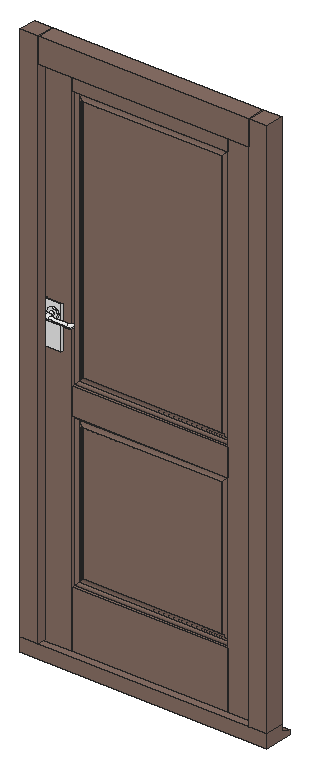
Revit family "DTI_A3-Swartland-Winsters-PD8", category Doors, host Wall, Revit 2016
Family settings
  Host = Wall
  OmniClass Number = 23.30.10.00
  OmniClass Title = Doors
  Always vertical = Yes
  Cut with Voids When Loaded = No
  Shared = No
  Room Calculation Point = No
Parameters (values of type "Swartland Winsters PD8")
  URL = "www.swartland.co.za"
  Rough Width = 923 mm
  Rough Height = 2165 mm
  Model = "PD8"
  Manufacturer = "Swartland Doors & Windows"
  Function = Exterior
  Frame Width = 70 mm
  Height = 2102 mm
  Wall Closure = By host
  Width = Door Width + (Frame Width * 2)  # 953 mm
  Frame Depth = 70 mm
  Door Width = 813 mm
  Door Material = Meranti
  Door Height = 2032 mm
  Door Frame Material = Meranti
  Description = "Ply Panel Door - Two Panel"
  Cill Height = 50 mm
  Assembly Code = ""
Reference planes
  plane 1 "Centre (Front/Back)": y = 0
  plane 2 "Center (Left/Right)": x = 0
  plane 3 "Left": x = -476.5
  plane 4 "Right": x = 476.5
  plane 5: z = 2152
  plane 6 "Exterior": y = 75
  plane 7 "Interior": y = -75
  plane 8: y = -35
  plane 9 "Frame exterior": y = 35
  plane 10: z = 2082
  plane 11: x = 406.5
  plane 12: x = -406.5
  plane 13 "Cill Level": z = 50
  plane 14: z = 1094.604
  plane 15 "Centre of door": y = 17.751
Forms (mm)
  Extrusion 1, solid, material "Meranti" <- "Door Frame Material"
    sketch origin (0, 0, 50) x (1, 0, 0) y (0, 1, 0)
      loop
        line (-476.5, 35) -> (-476.5, -35) -> (-406.5, -35) -> (-406.5, 35) -> (-476.5, 35)
    from 0 to 2102 <- "Height"
  Extrusion 2, solid, material "Meranti" <- "Door Frame Material"
    sketch origin (0, 0, 50) x (-1, 0, 0) y (0, -1, 0)
      loop
        line (-476.5, -35) -> (-406.5, -35) -> (-406.5, 35) -> (-476.5, 35) -> (-476.5, -35)
    from 0 to 2102 <- "Height"
  Extrusion 3, solid, material "Meranti" <- "Door Frame Material"
    sketch origin (0, 0, 0) x (0, 1, 0) y (0, 0, 1)
      loop
        line (-35, 50) -> (-35, 0) -> (75, 0) -> (75, 15) -> (35, 31.321) -> (35, 50) -> (-35, 50)
    from -476.5 to 476.5
  Extrusion 4, solid, material "Meranti"
    sketch origin (0, 0, 0) x (0, 1, 0) y (0, 0, 1)
      loop
        line (35, 2152) -> (-35, 2152) -> (-35, 2057) -> (-5, 2057) -> (-5, 2082) -> (35, 2082) -> (35, 2152)
    from 406.5 to -406.5
  Extrusion 5, solid, material "Meranti" <- "Door Material"
    sketch origin (0, 35, 0) x (0, 0, -1) y (-1, 0, 0)
      loop
        line (-50, -406.5) -> (-50, -301.615) -> (-2082, -301.615) -> (-2082, -406.5) -> (-50, -406.5)
    from -40 to 0
  Extrusion 6, solid, material "Meranti" <- "Door Material"
    sketch origin (0, 35, 0) x (0, 0, -1) y (-1, 0, 0)
      loop
        line (-50, 406.5) -> (-2082, 406.5) -> (-2082, 301.385) -> (-50, 301.385) -> (-50, 406.5)
    from -40 to 0
  Extrusion 7, solid, material "Meranti" <- "Door Material"
    sketch origin (0, 35, -1.104) x (0, 0, -1) y (-1, 0, 0)
      loop
        line (-51.104, -301.615) -> (-51.104, 301.385) -> (-273.104, 301.385) -> (-273.104, -301.615) -> (-51.104, -301.615)
    from 0 to -40
  Extrusion 8, solid, material "Meranti"
    sketch origin (0, 35, 0) x (0, 0, -1) y (-1, 0, 0)
      loop
        line (-1989, -301.615) -> (-1989, 301.385) -> (-2082, 301.385) -> (-2082, -301.615) -> (-1989, -301.615)
    from 0 to -40
  Extrusion 9, solid, material "Meranti"
    sketch origin (0, 35, 0) x (0, 0, -1) y (-1, 0, 0)
      loop
        line (-967, -301.615) -> (-862, -301.615) -> (-862, 301.385) -> (-967, 301.385) -> (-967, -301.615)
    from 0 to -40
  Sweep 10, solid, material "Meranti"
    path origin (0, 17.751, 0) x (0, 0, 1) y (1, 0, 0)
      loop
        line (1989, 301.615) -> (967, 301.615) -> (967, -301.385) -> (1989, -301.385) -> (1989, 301.615)
    profile "Door Panel Ply Profile : Door Panel Ply Profile" origin (0.115, 17.751, 1989) x (0, 0, 1) y (0, 1, 0)
      loop
        arc (-32.957, -10) -> (-23.328, -6.22) -> (-13, -5.624) r 32.832
        arc (-13, -5.624) -> (-7.31, -10.241) -> (0, -9.74) r 10
        line (0, -9.74) -> (0, 0) -> (0, 9.74)
        arc (0, 9.74) -> (-7.31, 10.241) -> (-13, 5.624) r 10
        arc (-13, 5.624) -> (-23.328, 6.22) -> (-32.957, 10) r 32.832
        line (-32.957, 10) -> (-32.957, 0) -> (-32.957, -10)
  Sweep 11, solid, material "Meranti"
    path origin (0, 17.751, -1126.995) x (0, 0, 1) y (1, 0, 0)
      loop
        line (1989, 301.615) -> (1398.995, 301.615) -> (1398.995, -301.385) -> (1989, -301.385) -> (1989, 301.615)
    profile "Door Panel Ply Profile : Door Panel Ply Profile" origin (0.115, 17.751, 862.005) x (0, 0, 1) y (0, 1, 0)
      loop
        arc (-32.957, -10) -> (-23.328, -6.22) -> (-13, -5.624) r 32.832
        arc (-13, -5.624) -> (-7.31, -10.241) -> (0, -9.74) r 10
        line (0, -9.74) -> (0, 0) -> (0, 9.74)
        arc (0, 9.74) -> (-7.31, 10.241) -> (-13, 5.624) r 10
        arc (-13, 5.624) -> (-23.328, 6.22) -> (-32.957, 10) r 32.832
        line (-32.957, 10) -> (-32.957, 0) -> (-32.957, -10)
  Extrusion 12, solid, material "Meranti"
    sketch origin (0, 17.751, 0) x (0, 0, 1) y (1, 0, 0)
      loop
        line (1956, 268.615) -> (1000, 268.615) -> (1000, -268.385) -> (1956, -268.385) -> (1956, 268.615)
    from 10 to -10
  Extrusion 13, solid, material "Meranti"
    sketch origin (0, 17.751, -1126.953) x (0, 0, 1) y (1, 0, 0)
      loop
        line (1956, 268.615) -> (1431.953, 268.615) -> (1431.953, -268.385) -> (1956, -268.385) -> (1956, 268.615)
    from 10 to -10
Lines and regions (mm)
  Opening 1
    outline origin (-3050, -75, 0) x (1, 0, 0) y (0, 0, 1)
      loop
        line (2573.5, 0) -> (3526.5, 0) -> (3526.5, 2152) -> (2573.5, 2152) -> (2573.5, 0)
  symbolic lines, style "Elevation Swing"
    curve 1: line (406.5, -75, 1041) -> (-376.5, -75, 2082)
    curve 2: line (406.5, -75, 1041) -> (-376.5, -75, 50)
    curve 3: line (-376.5, 75, 50) -> (406.5, 75, 1041)
    curve 4: line (406.5, 75, 1041) -> (-376.5, 75, 2082)
  symbolic lines
    curve 5: line (406.5, -35, 0) -> (406.5, -848, 0)
    curve 6: arc (406.5, -848, 0) -> (-168.378, -609.878, 0) -> (-406.5, -35, 0) r 813
Text (mm)
  text "Exterior" at (-2295.016, 1099.543, 0), in view "Ref. Level"
  text "Exterior" at (0, 1615.38, 3698.081), in view "Left"
  text "Exterior" at (0, 1036.032, 3874.932), in view "Right"
Dimensions and locks
  equal spacing: plane 3 "Left", plane 2 "Center (Left/Right)", plane 4 "Right"
  "Width": plane 3 "Left" to plane 4 "Right"
  equal spacing: host wall, curve 4, plane 10
  locked: plane 6 "Exterior" to host wall at 0
  locked: plane 7 "Interior" to host wall
  equal spacing: plane 9 "Frame exterior", plane 1 "Centre (Front/Back)", plane 8
  "Frame Depth": plane 9 "Frame exterior" to plane 8
  "Frame Width": plane 10 to plane 5
  "Door Width": plane 12 to plane 11
  plane 9 "Frame exterior" to plane 8 = 70 mm  (x2)
  "Door Height": plane 13 "Cill Level" to plane 10
  "Cill Height": level to plane 13 "Cill Level"
  "Frame Width": plane 11 to plane 4 "Right"
  plane 3 "Left" to plane 12 = 70 mm  (x2)
  level to Extrusion 3 = 50 mm  (x2)
  aligned and locked: plane 3 "Left" to Opening 1 sketch curve
  aligned and locked: plane 5 to Opening 1 sketch curve  (x2)
  aligned and locked: Opening 1 sketch curve to plane 4 "Right"
  aligned and locked: Opening 1 sketch curve to level
  aligned and locked: plane 1 "Centre (Front/Back)" to host wall
  aligned: Extrusion 2 to level
  aligned: Extrusion 1 to level
  aligned: plane 12 to Extrusion 3
  aligned: Extrusion 3 to plane 11
  aligned and locked: Extrusion 3 to host wall  (x2)
  aligned and locked: Extrusion 2 to plane 13 "Cill Level"
  aligned and locked: Extrusion 1 to plane 13 "Cill Level"
  aligned and locked: Extrusion 2 to host wall
  aligned and locked: Extrusion 1 to host wall
  aligned and locked: curve 2 to curve 3
Automatic sketch dimensions
  curve 1 to plane 10 = 0 mm
  plane 11 to curve 2 = 0 mm
  curve 2 to plane 13 "Cill Level" = 0 mm
  curve 1 to plane 12 = 30 mm
  Extrusion 1 sketch curve to plane 3 "Left" = 0 mm
  Extrusion 1 sketch curve to plane 9 "Frame exterior" = 0 mm
  Extrusion 1 sketch curve to plane 12 = 0 mm
  Extrusion 1 sketch curve to plane 8 = 0 mm
  Extrusion 2 sketch curve to plane 4 "Right" = 0 mm
  Extrusion 2 sketch curve to plane 9 "Frame exterior" = 0 mm
  Extrusion 2 sketch curve to plane 11 = 0 mm
  Extrusion 2 sketch curve to plane 8 = 0 mm
  Extrusion 3 sketch curve to level = 0 mm
  Extrusion 3 sketch curve to plane 8 = 0 mm
  Extrusion 3 sketch curve to plane 9 "Frame exterior" = 0 mm
  Extrusion 3 sketch curve to host wall = 0 mm
  Extrusion 3 sketch curve to plane 13 "Cill Level" = 0 mm
  level to Extrusion 3 sketch curve = 15 mm
  Extrusion 3 sketch curve to Extrusion 3 sketch curve = 18.679 mm
  plane 5 to Extrusion 4 sketch curve = 0 mm
  Extrusion 4 sketch curve to plane 8 = 0 mm
  plane 10 to Extrusion 4 sketch curve = 0 mm
  Extrusion 4 sketch curve to plane 9 "Frame exterior" = 0 mm
  host wall to Extrusion 4 sketch curve = 5 mm
  plane 10 to Extrusion 4 sketch curve = 25 mm
  Extrusion 5 sketch curve to plane 10 = 0 mm
  plane 11 to Extrusion 5 sketch curve = 0 mm
  Extrusion 5 sketch curve to plane 13 "Cill Level" = 0 mm
  plane 11 to Extrusion 5 sketch curve = 104.885 mm
  Extrusion 6 sketch curve to plane 10 = 0 mm
  plane 12 to Extrusion 6 sketch curve = 0 mm
  Extrusion 6 sketch curve to plane 13 "Cill Level" = 0 mm
  Extrusion 6 sketch curve to Extrusion 6 sketch curve = 105.115 mm
  Extrusion 7 sketch curve to plane 13 "Cill Level" = 0 mm
  Extrusion 7 sketch curve to plane 12 = 105.115 mm
  plane 13 "Cill Level" to Extrusion 7 sketch curve = 222 mm
  plane 11 to Extrusion 7 sketch curve = 104.885 mm
  curve 4 to plane 10 = 0 mm
  curve 3 to plane 13 "Cill Level" = 0 mm
  plane 11 to curve 4 = 0 mm
  curve 3 to plane 12 = 30 mm
  curve 4 to plane 12 = 30 mm
  curve 6 to plane 8 = 0 mm
  curve 6 to plane 12 = 0 mm
  curve 6 to plane 11 = 0 mm
  curve 5 to plane 8 = 0 mm
  Extrusion 8 sketch curve to plane 10 = 0 mm
  plane 10 to Extrusion 8 sketch curve = 93 mm
  plane 11 to Extrusion 8 sketch curve = 104.885 mm
  Extrusion 8 sketch curve to plane 12 = 105.115 mm
  Extrusion 9 sketch curve to plane 14 = 127.604 mm
  Extrusion 9 sketch curve to Extrusion 9 sketch curve = 105 mm
  plane 11 to Extrusion 9 sketch curve = 104.885 mm
  Extrusion 9 sketch curve to plane 12 = 105.115 mm
  Sweep 10 sketch curve to plane 14 = 127.604 mm
  plane 10 to Sweep 10 sketch curve = 93 mm
  Sweep 10 sketch curve to plane 12 = 105.115 mm
  plane 11 to Sweep 10 sketch curve = 104.885 mm
  plane 11 to Sweep 11 sketch curve = 104.885 mm
  plane 13 "Cill Level" to Sweep 11 sketch curve = 222 mm
  Sweep 11 sketch curve to plane 14 = 232.599 mm
  Sweep 11 sketch curve to plane 12 = 105.115 mm
  Extrusion 12 sketch curve to plane 14 = 94.604 mm
  plane 10 to Extrusion 12 sketch curve = 126 mm
  Extrusion 12 sketch curve to plane 12 = 138.115 mm
  plane 11 to Extrusion 12 sketch curve = 137.885 mm
  plane 13 "Cill Level" to Extrusion 13 sketch curve = 255 mm
  Extrusion 13 sketch curve to plane 14 = 265.556 mm
  Extrusion 13 sketch curve to plane 12 = 138.115 mm
  plane 11 to Extrusion 13 sketch curve = 137.885 mm
Nested families
  nested 1: "Handle Domestic (1)" at (-431.5, -5, 1200), type "Handle Domestic (1)"
  nested 2: "Handle Domestic (1)" at (-431.5, 35, 1200), type "Handle Domestic (1)"
Definition of nested family "Handle Domestic (1)"
  Parameters
    Manufacturer = "Revit"
    Material Ironmongery = none
    Handle Z Distance = 0 mm
    Handle X Distance = 65 mm
    Function = (empty or 0)
  Reference planes
    plane 1 "Center (Front/Back)": y = 0
    plane 2: z = 0
    plane 3 "Center (Left/Right)": x = 0
    plane 4: z = 0
    plane 5: x = 65
  Forms (mm)
    Extrusion 1, solid, material <- "Material Ironmongery", detail levels medium+fine
      sketch origin (0, 0, 0) x (1, 0, 0) y (0, 0, 1)
        loop
          line (35, 40) -> (35, -125) -> (95, -125) -> (95, 40) -> (35, 40)
      from 0 to -6
    Sweep 2, solid, material <- "Material Ironmongery", detail levels medium+fine
      path origin (0, 0, 0) x (0, -1, 0) y (1, 0, 0)
        loop
          line (-10.593, 65) -> (-26, 65)
          arc (-26, 65) -> (-36.607, 69.393) -> (-41, 80) r 15
          line (-41, 80) -> (-41, 152)
          arc (-41, 152) -> (-38.657, 157.657) -> (-33, 160) r 8
      profile origin (0, 18.296, 0) x (-1, 0, 0) y (0, 0, 1)
        loop
          circle (-65, 0) r 7
    Extrusion 3, solid, material <- "Material Ironmongery", detail levels medium+fine
      sketch origin (0, 0, 0) x (1, 0, 0) y (0, 0, 1)
        loop
          circle (65, 0) r 20
      from -6 to -10.593
  Dimensions and locks
    "Handle Z Distance": plane 4 to level
    "Handle X Distance": plane 5 to plane 3 "Center (Left/Right)"
    aligned and locked: Extrusion 1 to Extrusion 3
    aligned and locked: Extrusion 3 to Sweep 2 sketch curve
  Automatic sketch dimensions
    Sweep 2 sketch curve to plane 4 = 0 mm
    Sweep 2 sketch curve to profile plane = 0 mm
    Extrusion 3 sketch curve to plane 4 = 0 mm
    Extrusion 3 sketch curve to plane 5 = 0 mm
    Sweep 2 sketch curve to plane 5 = 0 mm
    Sweep 2 sketch curve to plane 1 "Center (Front/Back)" = 41 mm
    Sweep 2 sketch curve to Sweep 2 sketch curve = 8 mm
    Sweep 2 sketch curve to Sweep 2 sketch curve = 15 mm
    Sweep 2 sketch curve to Sweep 2 sketch curve = 72 mm
    plane 5 to Extrusion 1 sketch curve = 30 mm
    Extrusion 1 sketch curve to plane 5 = 30 mm
    plane 4 to Extrusion 1 sketch curve = 125 mm
    Extrusion 1 sketch curve to plane 4 = 40 mm
    radius of Sweep 2 sketch curve = 7 mm
    radius of Extrusion 3 sketch curve = 20 mm
